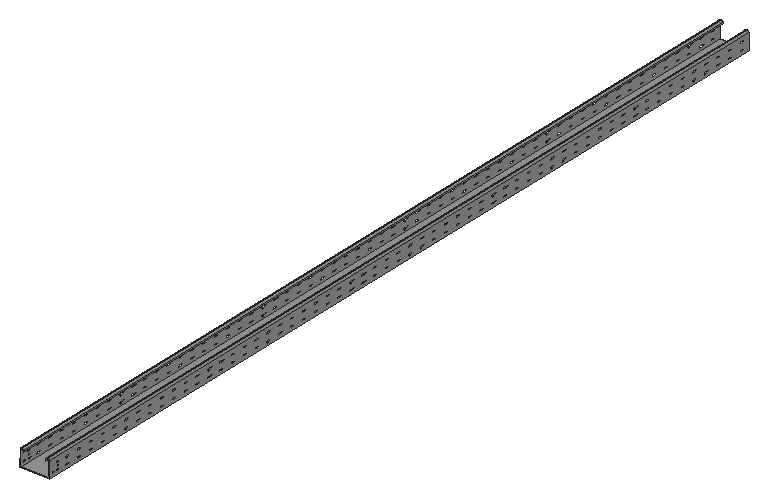
Revit family "Kabelrinne_rksm_A4_610_620_630_640_650_660", category Generic Models, Revit 2017 (continued)
Dimensions and locks
  aligned and locked: plane 11 to cut or joined group 1 (Extrusion 1, Extrusion 5, Extrusion 8, Extrusion 10, Extrusion 11, Extrusion 13, Extrusion 14, Extrusion 15, Extrusion 16, Extrusion 17, Extrusion 18, Extrusion 19, Extrusion 20, Extrusion 21, Extrusion 22, Extrusion 23, Extrusion 24, Extrusion 25, Extrusion 26, Extrusion 27, Extrusion 28, Extrusion 29, Extrusion 30, Extrusion 31, Extrusion 32, Extrusion 33, Extrusion 34, Extrusion 35, Extrusion 36, Extrusion 37, Extrusion 38, Extrusion 39, Extrusion 40, Extrusion 41, Extrusion 42, Extrusion 43, Extrusion 44, Extrusion 45, Extrusion 46, Extrusion 47, Extrusion 48, Extrusion 49, Extrusion 50, Extrusion 51, Extrusion 52, Extrusion 53, Extrusion 54, Extrusion 55, Extrusion 56, Extrusion 57, Extrusion 58, Extrusion 59, Extrusion 60, Extrusion 61, Extrusion 62, Extrusion 63, Extrusion 64, Extrusion 65, Extrusion 66, Extrusion 67, Extrusion 68, Extrusion 69, Extrusion 70, Extrusion 71, Extrusion 72, Extrusion 73, Extrusion 74, Extrusion 75, Extrusion 76, Extrusion 77, Extrusion 78, Extrusion 79, Extrusion 80, Extrusion 81, Extrusion 82, Extrusion 83, Extrusion 84, Extrusion 85, Extrusion 86, Extrusion 87, Extrusion 88, Extrusion 89, Extrusion 90, Extrusion 91, Extrusion 92, Extrusion 93, Extrusion 94, Extrusion 95, Extrusion 96, Extrusion 97, Extrusion 98, Extrusion 99, Extrusion 100, Extrusion 101, Extrusion 102, Extrusion 103, Extrusion 104, Extrusion 105, Extrusion 106, Extrusion 107, Extrusion 108, Extrusion 109, Extrusion 110, Extrusion 111, Extrusion 112, Extrusion 113, Extrusion 114, Extrusion 115, Extrusion 116, Extrusion 117, Extrusion 118, Extrusion 119, Extrusion 120, Extrusion 121, Extrusion 122, Extrusion 123, Extrusion 124, Extrusion 125, Extrusion 126, Extrusion 127, Extrusion 128, Extrusion 129, Extrusion 130, Extrusion 131, Extrusion 132, Extrusion 133, Extrusion 134, Extrusion 135, Extrusion 136, Extrusion 137, Extrusion 138, Extrusion 139, Extrusion 140, Extrusion 141, Extrusion 142, Extrusion 143, Extrusion 144, Extrusion 145, Extrusion 146, Extrusion 147, Extrusion 148, Extrusion 149, Extrusion 150, Extrusion 151, Extrusion 152, Extrusion 153, Extrusion 154, Extrusion 155, Extrusion 156, Extrusion 157, Extrusion 158, Extrusion 159, Extrusion 160, Extrusion 161, Extrusion 162, Extrusion 163, Extrusion 164, Extrusion 165, Extrusion 166, Extrusion 167, Extrusion 168, Extrusion 169, Extrusion 170, Extrusion 171, Extrusion 172, Extrusion 173, Extrusion 174, Extrusion 175, Extrusion 176, Extrusion 177, Extrusion 178, Extrusion 179, Extrusion 180, Extrusion 181, Extrusion 182, Extrusion 183, Extrusion 184, Extrusion 185, Extrusion 186, Extrusion 187, Extrusion 188, Extrusion 189, Extrusion 190, Extrusion 191, Extrusion 192, Extrusion 193, Extrusion 194, Extrusion 195, Extrusion 196, Extrusion 197, Extrusion 198, Extrusion 199, Extrusion 200, Extrusion 201, Extrusion 202, Extrusion 203, Extrusion 204, Extrusion 205, Extrusion 206, Extrusion 207, Extrusion 208, Extrusion 209, Extrusion 210, Extrusion 211, Extrusion 212, Extrusion 213, Extrusion 214, Extrusion 215, Extrusion 216, Extrusion 217, Extrusion 218, Extrusion 219, Extrusion 220, Extrusion 221, Extrusion 222, Extrusion 223, Extrusion 224, Extrusion 225, Extrusion 226, Extrusion 227, Extrusion 228, Extrusion 229, Extrusion 230, Extrusion 231, Extrusion 232, Extrusion 233, Extrusion 234, Extrusion 235, Extrusion 236, Extrusion 237, Extrusion 238, Extrusion 239, Extrusion 240, Extrusion 241, Extrusion 242, Extrusion 243, Extrusion 244, Extrusion 245, Extrusion 246, Extrusion 247, Extrusion 248, Extrusion 249, Extrusion 250, Extrusion 251, Extrusion 252, Extrusion 253, Extrusion 254, Extrusion 255, Extrusion 256, Extrusion 257, Extrusion 258, Extrusion 259, Extrusion 260, Extrusion 261, Extrusion 262, Extrusion 263, Extrusion 264, Extrusion 265, Extrusion 266, Extrusion 267, Extrusion 268, Extrusion 269, Extrusion 270, Extrusion 271, Extrusion 272, Extrusion 273, Extrusion 274, Extrusion 275, Extrusion 276, Extrusion 277)
  aligned and locked: cut or joined group 1 to cut or joined group 1  (x117)
  aligned and locked: Extrusion 19 sketch curve to Extrusion 19 sketch curve
  aligned and locked: Extrusion 20 sketch curve to Extrusion 20 sketch curve
  aligned and locked: Extrusion 21 sketch curve to Extrusion 21 sketch curve
  aligned and locked: Extrusion 22 sketch curve to Extrusion 22 sketch curve
  aligned and locked: Extrusion 23 sketch curve to Extrusion 23 sketch curve
  aligned and locked: Extrusion 24 sketch curve to Extrusion 24 sketch curve
  aligned and locked: Extrusion 25 sketch curve to Extrusion 25 sketch curve
  aligned and locked: Extrusion 26 sketch curve to Extrusion 26 sketch curve
  aligned and locked: cut or joined group 1 to Extrusion 20
  aligned and locked: cut or joined group 1 to Extrusion 14
  aligned and locked: Extrusion 29 sketch curve to Extrusion 29 sketch curve
  aligned and locked: Extrusion 30 sketch curve to Extrusion 30 sketch curve
  aligned and locked: Extrusion 31 sketch curve to Extrusion 31 sketch curve
  aligned and locked: Extrusion 32 sketch curve to Extrusion 32 sketch curve
  aligned and locked: Extrusion 33 sketch curve to Extrusion 33 sketch curve
  aligned and locked: Extrusion 34 sketch curve to Extrusion 34 sketch curve
  aligned and locked: Extrusion 35 sketch curve to Extrusion 35 sketch curve
  aligned and locked: Extrusion 36 sketch curve to Extrusion 36 sketch curve
  aligned and locked: Extrusion 37 sketch curve to Extrusion 37 sketch curve
  aligned and locked: Extrusion 38 sketch curve to Extrusion 38 sketch curve
  aligned and locked: Extrusion 39 sketch curve to Extrusion 39 sketch curve
  aligned and locked: Extrusion 40 sketch curve to Extrusion 40 sketch curve
  aligned and locked: Extrusion 41 sketch curve to Extrusion 41 sketch curve
  aligned and locked: Extrusion 42 sketch curve to Extrusion 42 sketch curve
  aligned and locked: Extrusion 43 sketch curve to Extrusion 43 sketch curve
  aligned and locked: Extrusion 44 sketch curve to Extrusion 44 sketch curve
  aligned and locked: Extrusion 45 sketch curve to Extrusion 45 sketch curve
  aligned and locked: Extrusion 46 sketch curve to Extrusion 46 sketch curve
  aligned and locked: Extrusion 47 sketch curve to Extrusion 47 sketch curve
  aligned and locked: Extrusion 48 sketch curve to Extrusion 48 sketch curve
  aligned and locked: Extrusion 49 sketch curve to Extrusion 49 sketch curve
  aligned and locked: Extrusion 50 sketch curve to Extrusion 50 sketch curve
  aligned and locked: Extrusion 51 sketch curve to Extrusion 51 sketch curve
  aligned and locked: Extrusion 52 sketch curve to Extrusion 52 sketch curve
  aligned and locked: Extrusion 53 sketch curve to Extrusion 53 sketch curve
  aligned and locked: Extrusion 54 sketch curve to Extrusion 54 sketch curve
  aligned and locked: Extrusion 55 sketch curve to Extrusion 55 sketch curve
  aligned and locked: Extrusion 56 sketch curve to Extrusion 56 sketch curve
  aligned and locked: Extrusion 57 sketch curve to Extrusion 57 sketch curve
  aligned and locked: Extrusion 58 sketch curve to Extrusion 58 sketch curve
  aligned and locked: Extrusion 59 sketch curve to Extrusion 59 sketch curve
  aligned and locked: Extrusion 60 sketch curve to Extrusion 60 sketch curve
  aligned and locked: Extrusion 61 sketch curve to Extrusion 61 sketch curve
  aligned and locked: Extrusion 62 sketch curve to Extrusion 62 sketch curve
  aligned and locked: Extrusion 63 sketch curve to Extrusion 63 sketch curve
  aligned and locked: Extrusion 64 sketch curve to Extrusion 64 sketch curve
  aligned and locked: Extrusion 65 sketch curve to Extrusion 65 sketch curve
  aligned and locked: Extrusion 66 sketch curve to Extrusion 66 sketch curve
  aligned and locked: Extrusion 67 sketch curve to Extrusion 67 sketch curve
  aligned and locked: Extrusion 68 sketch curve to Extrusion 68 sketch curve
  aligned and locked: Extrusion 69 sketch curve to Extrusion 69 sketch curve
  aligned and locked: Extrusion 70 sketch curve to Extrusion 70 sketch curve
  aligned and locked: Extrusion 71 sketch curve to Extrusion 71 sketch curve
  aligned and locked: Extrusion 72 sketch curve to Extrusion 72 sketch curve
  aligned and locked: Extrusion 73 sketch curve to Extrusion 73 sketch curve
  aligned and locked: Extrusion 74 sketch curve to Extrusion 74 sketch curve
  aligned and locked: Extrusion 75 sketch curve to Extrusion 75 sketch curve
  aligned and locked: Extrusion 76 sketch curve to Extrusion 76 sketch curve
  aligned and locked: Extrusion 77 sketch curve to Extrusion 77 sketch curve
  aligned and locked: Extrusion 78 sketch curve to Extrusion 78 sketch curve
  aligned and locked: Extrusion 79 sketch curve to Extrusion 79 sketch curve
  aligned and locked: Extrusion 80 sketch curve to Extrusion 80 sketch curve
  aligned and locked: Extrusion 81 sketch curve to Extrusion 81 sketch curve
  aligned and locked: Extrusion 82 sketch curve to Extrusion 82 sketch curve
  aligned and locked: Extrusion 83 sketch curve to Extrusion 83 sketch curve
  aligned and locked: Extrusion 84 sketch curve to Extrusion 84 sketch curve
  aligned and locked: Extrusion 85 sketch curve to Extrusion 85 sketch curve
  aligned and locked: Extrusion 86 sketch curve to Extrusion 86 sketch curve
  aligned and locked: Extrusion 87 sketch curve to Extrusion 87 sketch curve
  aligned and locked: Extrusion 88 sketch curve to Extrusion 88 sketch curve
  aligned and locked: Extrusion 89 sketch curve to Extrusion 89 sketch curve
  aligned and locked: Extrusion 90 sketch curve to Extrusion 90 sketch curve
  aligned and locked: Extrusion 91 sketch curve to Extrusion 91 sketch curve
  aligned and locked: Extrusion 92 sketch curve to Extrusion 92 sketch curve
  aligned and locked: Extrusion 93 sketch curve to Extrusion 93 sketch curve
  aligned and locked: Extrusion 94 sketch curve to Extrusion 94 sketch curve
  aligned and locked: Extrusion 95 sketch curve to Extrusion 95 sketch curve
  aligned and locked: Extrusion 96 sketch curve to Extrusion 96 sketch curve
  aligned and locked: Extrusion 97 sketch curve to Extrusion 97 sketch curve
  aligned and locked: Extrusion 98 sketch curve to Extrusion 98 sketch curve
  aligned and locked: Extrusion 99 sketch curve to Extrusion 99 sketch curve
  aligned and locked: Extrusion 100 sketch curve to Extrusion 100 sketch curve
  aligned and locked: Extrusion 101 sketch curve to Extrusion 101 sketch curve
  aligned and locked: Extrusion 102 sketch curve to Extrusion 102 sketch curve
  aligned and locked: Extrusion 103 sketch curve to Extrusion 103 sketch curve
  aligned and locked: Extrusion 104 sketch curve to Extrusion 104 sketch curve
  aligned and locked: Extrusion 105 sketch curve to Extrusion 105 sketch curve
  aligned and locked: Extrusion 106 sketch curve to Extrusion 106 sketch curve
  aligned and locked: Extrusion 107 sketch curve to Extrusion 107 sketch curve
  aligned and locked: Extrusion 108 sketch curve to Extrusion 108 sketch curve
  aligned and locked: Extrusion 109 sketch curve to Extrusion 109 sketch curve
  aligned and locked: Extrusion 110 sketch curve to Extrusion 110 sketch curve
  aligned and locked: Extrusion 111 sketch curve to Extrusion 111 sketch curve
  aligned and locked: Extrusion 112 sketch curve to Extrusion 112 sketch curve
  aligned and locked: Extrusion 113 sketch curve to Extrusion 113 sketch curve
  aligned and locked: Extrusion 114 sketch curve to Extrusion 114 sketch curve
  aligned and locked: Extrusion 115 sketch curve to Extrusion 115 sketch curve
  aligned and locked: Extrusion 116 sketch curve to Extrusion 116 sketch curve
  aligned and locked: Extrusion 117 sketch curve to Extrusion 117 sketch curve
  aligned and locked: Extrusion 118 sketch curve to Extrusion 118 sketch curve
  aligned and locked: Extrusion 119 sketch curve to Extrusion 119 sketch curve
  aligned and locked: Extrusion 120 sketch curve to Extrusion 120 sketch curve
  aligned and locked: Extrusion 121 sketch curve to Extrusion 121 sketch curve
  aligned and locked: Extrusion 122 sketch curve to Extrusion 122 sketch curve
  aligned and locked: Extrusion 123 sketch curve to Extrusion 123 sketch curve
  aligned and locked: Extrusion 124 sketch curve to Extrusion 124 sketch curve
  aligned and locked: Extrusion 125 sketch curve to Extrusion 125 sketch curve
  aligned and locked: Extrusion 126 sketch curve to Extrusion 126 sketch curve
  aligned and locked: Extrusion 127 sketch curve to Extrusion 127 sketch curve
  aligned and locked: Extrusion 128 sketch curve to Extrusion 128 sketch curve
  aligned and locked: Extrusion 129 sketch curve to Extrusion 129 sketch curve
  aligned and locked: Extrusion 130 sketch curve to Extrusion 130 sketch curve
  aligned and locked: Extrusion 131 sketch curve to Extrusion 131 sketch curve
  aligned and locked: Extrusion 132 sketch curve to Extrusion 132 sketch curve
  aligned and locked: Extrusion 133 sketch curve to Extrusion 133 sketch curve
  aligned and locked: Extrusion 134 sketch curve to Extrusion 134 sketch curve
  aligned and locked: Extrusion 241 to level
  aligned and locked: Extrusion 1 to Extrusion 270
  aligned and locked: Extrusion 272 to plane 13
  aligned and locked: plane 14 to Extrusion 272
  aligned and locked: plane 13 to Extrusion 271
  aligned and locked: plane 14 to Extrusion 271
  aligned and locked: cut or joined group 1 to plane 13  (x2)
  aligned and locked: plane 14 to cut or joined group 1  (x2)
  aligned and locked: plane 15 to cut or joined group 1
  aligned and locked: cut or joined group 1 to plane 15  (x3)
  aligned and locked: plane 16 to cut or joined group 1  (x2)
  aligned and locked: plane 18 to Extrusion 273
  aligned and locked: plane 17 to Extrusion 273
  aligned and locked: plane 18 to cut or joined group 1
  aligned and locked: plane 17 to cut or joined group 1
  aligned and locked: plane 17 to plane 16
  aligned and locked: plane 20 to Extrusion 274
  aligned and locked: plane 19 to Extrusion 274
